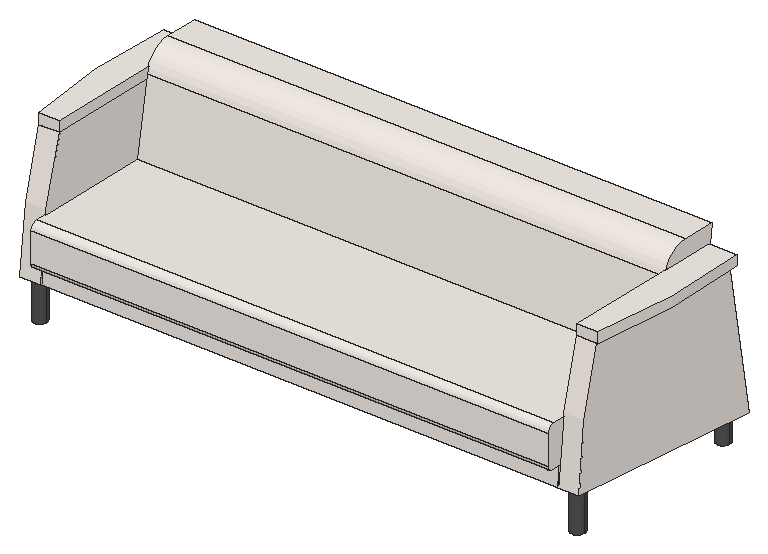
Revit family "1b27ce6f10ba492ab17f7e2055bef0a7", category Furniture, Revit 2025
Family settings
  Work Plane-Based = No
  Enable Cutting in Views = No
  Always vertical = Yes
  Cut with Voids When Loaded = No
  Render Appearance Source = Family Geometry
  Shared = No
  Room Calculation Point = No
Parameters (values of type "2100x830x380mm")
  Length = 2100.00 mm
  Material Sofa = Textile - Linen, Smooth
  Material Frame = Metal - Chrome
  Keynote = "N"
  Default Elevation = 0.00 mm
Types (3, lengths in mm): name | Length
  (no name) | 2100.00
  2100x830x380mm | 2100.00
  1650mm | 1650.00
Reference planes
  plane 1 "Center (Front/Back)": y = 277.11
  plane 2: z = 0
  plane 3 "Center (Left/Right)": x = 278.606
  plane 4: y = 696.21
  plane 5: y = -141.99
  plane 6: x = 1328.606
  plane 7: x = -771.394
  plane 8: z = 736.6
  plane 9: z = 406.4
  plane 10: x = 1252.406
  plane 11: x = -695.194
  plane 12: x = -733.294
  plane 13: x = 1290.506
  plane 14: y = 632.71
  plane 15: y = -53.09
Forms (mm)
  Extrusion 1, solid, material "Textile - Linen, Smooth" <- "Material Sofa"
    sketch origin (0, 0, 0) x (0, 1, 0) y (0, 0, 1)
      loop
        arc (-141.99, 240.126) -> (-137.34, 228.901) -> (-126.115, 224.251) r 15.875
        line (-126.115, 224.251) -> (667.654, 224.251) -> (609.538, 620.172) -> (626.334, 726.077) -> (502.255, 726.077)
        arc (502.255, 726.077) -> (436.948, 702.307) -> (402.199, 642.12) r 101.6
        line (402.199, 642.12) -> (355.39, 376.651) -> (-116.59, 376.651)
        arc (-116.59, 376.651) -> (-134.551, 369.212) -> (-141.99, 351.251) r 25.4
        line (-141.99, 351.251) -> (-141.99, 240.126)
    from -695.194 to 1252.406
  Extrusion 2, solid, material "Textile - Linen, Smooth" <- "Material Sofa"
    sketch origin (1252.406, 0, 0) x (0, 1, 0) y (0, 0, 1)
      loop
        line (-97.79, 149.311) -> (701.762, 79.359) -> (608.692, 626.02) -> (-9.394, 626.02)
        arc (-9.394, 626.02) -> (-71.771, 391.036) -> (-97.79, 149.311) r 1598.542
    from 0 to 76.2
  Extrusion 3, solid, material "Textile - Linen, Smooth" <- "Material Sofa"
    sketch origin (-695.194, 0, 0) x (0, 1, 0) y (0, 0, 1)
      loop
        line (608.692, 626.02) -> (-9.394, 626.02)
        arc (-9.394, 626.02) -> (-71.771, 391.036) -> (-97.79, 149.311) r 1598.542
        line (-97.79, 149.311) -> (701.762, 79.359) -> (608.692, 626.02)
    from 0 to -76.2
  Extrusion 4, solid, material "Textile - Linen, Smooth" <- "Material Sofa"
    sketch origin (1252.406, 0, 0) x (0, 1, 0) y (0, 0, 1)
      loop
        line (-93.695, 224.251) -> (-93.695, 148.051) -> (668.305, 148.051) -> (668.305, 224.251) -> (-93.695, 224.251)
    from 0 to -1947.6
  Extrusion 5, solid, material "Textile - Linen, Smooth" <- "Material Sofa"
    sketch origin (-695.194, 608.692, 626.02) x (-1, 0, 0) y (0, -1, 0)
      loop
        line (76.2, 618.086) -> (0, 618.086) -> (0, 0) -> (101.6, 0)
        arc (101.6, 0) -> (111.03, 309.952) -> (76.2, 618.086) r 2170.807
      loop
        arc (-2025.921, 618.086) -> (-2063.211, 310.005) -> (-2056.28, -0.248) r 2175.211
        line (-2056.28, -0.248) -> (-1947.6, -0.248) -> (-1947.6, 618.086) -> (-2025.921, 618.086)
    from 0 to 38.1
  Extrusion 6, solid, material "Metal - Chrome" <- "Material Frame"
    sketch origin (0, 0, 0) x (1, 0, 0) y (0, 1, 0)
      loop
        circle (-733.294, -53.09) r 25.4
      loop
        circle (-733.294, 632.71) r 25.4
      loop
        circle (1290.506, 632.71) r 25.4
      loop
        circle (1290.506, -53.09) r 25.4
    from 0 to 148.431
Lines and regions (mm)
  Masking region 1
    outline origin (0, 0, 0) x (1, 0, 0) y (0, 1, 0)
      loop
        arc (-796.794, 608.692) -> (-806.223, 298.739) -> (-771.394, -9.394) r 2170.807
        line (-771.394, -9.394) -> (-771.394, -97.79) -> (-695.194, -97.79) -> (-695.194, -141.99) -> (1252.406, -141.99) -> (1252.406, -97.79) -> (1328.606, -97.79) -> (1328.606, -20.169)
        arc (1328.606, -20.169) -> (1367.741, 293.203) -> (1361.086, 608.94) r 2175.211
        line (1361.086, 608.94) -> (1328.606, 608.94) -> (1328.606, 701.762) -> (1252.406, 701.762) -> (1252.406, 668.305) -> (-695.194, 668.305) -> (-695.194, 701.762) -> (-771.394, 701.762) -> (-771.394, 608.692) -> (-796.794, 608.692)
  symbolic lines
    curve 1: line (-771.394, 701.762, 0) -> (-695.194, 701.762, 0)
    curve 2: line (-771.394, 701.762, 0) -> (-771.394, -97.79, 0)
    curve 3: line (-771.394, -97.79, 0) -> (-695.194, -97.79, 0)
    curve 4: line (-695.194, 701.762, 0) -> (-695.194, -97.79, 0)
    curve 5: line (1252.406, 701.762, 0) -> (1328.606, 701.762, 0)
    curve 6: line (1252.406, 701.762, 0) -> (1252.406, -97.79, 0)
    curve 7: line (1252.406, -97.79, 0) -> (1328.606, -97.79, 0)
    curve 8: line (1328.606, 701.762, 0) -> (1328.606, -97.79, 0)
    curve 9: line (-695.194, 502.255, 0) -> (1252.406, 502.255, 0)
    curve 10: line (-695.194, 502.255, 0) -> (-695.194, -141.99, 0)
    curve 11: line (-695.194, -141.99, 0) -> (1252.406, -141.99, 0)
    curve 12: line (1252.406, 502.255, 0) -> (1252.406, -141.99, 0)
    curve 13: line (-695.194, 667.654, 0) -> (1252.406, 667.654, 0)
    curve 14: line (-695.194, 667.654, 0) -> (-695.194, 502.255, 0)
    curve 15: line (-695.194, 502.255, 0) -> (1252.406, 502.255, 0)
    curve 16: line (1252.406, 667.654, 0) -> (1252.406, 502.255, 0)
Dimensions and locks
  equal spacing: plane 7, plane 3 "Center (Left/Right)", plane 6
  "Length": plane 7 to plane 6
  equal spacing: plane 5, plane 1 "Center (Front/Back)", plane 4
  locked: plane 5 to plane 4 at 838.2
  locked: plane 14 to plane 4 at 63.5
  locked: plane 5 to plane 15 at 88.9
  locked: plane 7 to plane 11 at 76.2
  locked: plane 10 to plane 6 at 76.2
  locked: plane 7 to plane 12 at 38.1
  locked: plane 13 to plane 6 at 38.1
  aligned and locked: Extrusion 1 to plane 10
  aligned and locked: plane 11 to Extrusion 1
  aligned and locked: Extrusion 2 to plane 6
  aligned and locked: plane 7 to Extrusion 3
  aligned and locked: Extrusion 1 to Extrusion 4 sketch curve
  aligned and locked: plane 11 to Extrusion 4
  aligned and locked: Extrusion 5 sketch curve to Extrusion 5 sketch curve
  aligned and locked: Extrusion 5 sketch curve to Extrusion 3
  aligned and locked: plane 5 to Extrusion 1
  aligned and locked: Masking region 1 sketch curve to Extrusion 5  (x3)
  aligned and locked: Masking region 1 sketch curve to Extrusion 3
  aligned and locked: Masking region 1 sketch curve to curve 3
  aligned and locked: Masking region 1 sketch curve to Extrusion 1
  aligned and locked: Masking region 1 sketch curve to curve 11
  aligned and locked: Masking region 1 sketch curve to Extrusion 2  (x2)
  aligned and locked: Masking region 1 sketch curve to curve 7
  aligned and locked: Masking region 1 sketch curve to curve 5
  aligned and locked: Masking region 1 sketch curve to Extrusion 4
  aligned and locked: Extrusion 5 to Masking region 1 sketch curve
  aligned and locked: Masking region 1 sketch curve to curve 1
Automatic sketch dimensions
  Extrusion 1 sketch curve to plane 5 = 0.00 mm
  Extrusion 1 sketch curve to Extrusion 1 sketch curve = 15.875 mm
  Extrusion 1 sketch curve to Extrusion 1 sketch curve = 25.40 mm
  Extrusion 1 sketch curve to plane 1 "Center (Front/Back)" = 78.28 mm
  Extrusion 1 sketch curve to plane 1 "Center (Front/Back)" = 125.089 mm
  Extrusion 1 sketch curve to Extrusion 1 sketch curve = 100.056 mm
  plane 4 to Extrusion 1 sketch curve = 86.672 mm
  plane 8 to Extrusion 1 sketch curve = 10.523 mm
  plane 4 to Extrusion 1 sketch curve = 69.875 mm
  plane 4 to Extrusion 1 sketch curve = 28.556 mm
  Extrusion 1 sketch curve to Extrusion 1 sketch curve = 83.957 mm
  Extrusion 1 sketch curve to Extrusion 1 sketch curve = 105.905 mm
  plane 9 to Extrusion 1 sketch curve = 29.749 mm
  Extrusion 1 sketch curve to Extrusion 1 sketch curve = 111.125 mm
  Extrusion 2 sketch curve to plane 5 = 44.20 mm
  plane 1 "Center (Front/Back)" to Extrusion 2 sketch curve = 286.504 mm
  plane 4 to Extrusion 2 sketch curve = 87.518 mm
  Extrusion 2 sketch curve to plane 4 = 5.552 mm
  level to Extrusion 2 sketch curve = 99.589 mm
  Extrusion 2 sketch curve to Extrusion 2 sketch curve = 798.216 mm
  level to Extrusion 2 sketch curve = 79.359 mm
  level to Extrusion 2 sketch curve = 149.311 mm
  Extrusion 3 sketch curve to plane 5 = 44.20 mm
  plane 1 "Center (Front/Back)" to Extrusion 3 sketch curve = 286.504 mm
  plane 4 to Extrusion 3 sketch curve = 87.518 mm
  Extrusion 3 sketch curve to plane 4 = 5.552 mm
  level to Extrusion 3 sketch curve = 99.589 mm
  Extrusion 3 sketch curve to Extrusion 3 sketch curve = 798.216 mm
  level to Extrusion 3 sketch curve = 79.359 mm
  level to Extrusion 3 sketch curve = 149.311 mm
  Extrusion 4 sketch curve to plane 5 = 48.295 mm
  plane 4 to Extrusion 4 sketch curve = 27.905 mm
  Extrusion 4 sketch curve to Extrusion 4 sketch curve = 76.20 mm
  Extrusion 5 sketch curve to plane 10 = 0.00 mm
  Extrusion 5 sketch curve to plane 11 = 0.00 mm
  Extrusion 5 sketch curve to plane 6 = 2.121 mm
  Extrusion 5 sketch curve to plane 6 = 32.48 mm
  Extrusion 5 sketch curve to plane 6 = 34.147 mm
  plane 7 to Extrusion 5 sketch curve = 0.00 mm
  plane 7 to Extrusion 5 sketch curve = 25.40 mm
  plane 7 to Extrusion 5 sketch curve = 33.183 mm
  plane 4 to Extrusion 5 sketch curve = 87.518 mm
  plane 4 to Extrusion 5 sketch curve = 87.27 mm
  Extrusion 6 sketch curve to plane 14 = 0.00 mm  (x2)
  Extrusion 6 sketch curve to plane 15 = 0.00 mm  (x2)
  Extrusion 6 sketch curve to plane 12 = 0.00 mm  (x2)
  Extrusion 6 sketch curve to plane 13 = 0.00 mm  (x2)
  Extrusion 6 sketch curve to plane 7 = 12.70 mm  (x2)
  Extrusion 6 sketch curve to plane 10 = 12.70 mm  (x2)
  curve 3 to plane 7 = 0.00 mm
  curve 1 to plane 11 = 0.00 mm
  curve 9 to plane 11 = 0.00 mm
  curve 12 to plane 10 = 0.00 mm
  curve 7 to plane 10 = 0.00 mm
  curve 11 to plane 5 = 0.00 mm
  curve 3 to plane 5 = 44.20 mm
  curve 12 to curve 7 = 44.20 mm
  plane 4 to curve 13 = 28.556 mm
  curve 4 to plane 4 = 5.552 mm
  curve 5 to plane 4 = 5.552 mm
  curve 12 to curve 13 = 165.399 mm
  curve 8 to plane 6 = 0.00 mm
  Masking region 1 sketch curve to plane 6 = 0.00 mm
  Masking region 1 sketch curve to plane 10 = 0.00 mm
  Masking region 1 sketch curve to plane 11 = 0.00 mm
  Masking region 1 sketch curve to plane 7 = 0.00 mm
